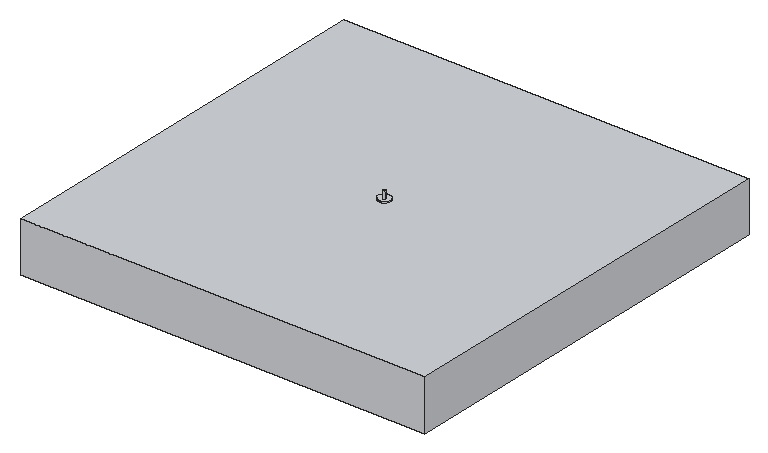
Revit family "M_Sprinkler - Parede lateral horizontal - Semi-embutido - Hospedado", category Sprinklers, Revit 2019
Family settings
  Hospedeiro = Face
  Manter orientação da anotação = Sim
  Cota do conector redondo = Usar raio
  Tipo de parte = Normal
  Número OmniClass = 23.65.70.17.11.24
  Título OmniClass = Fire Fighting Sprinkler Heads
  ID de item do Seek = Sprinkler - Horizontal Sidewall - Semi-Recessed - Hosted-0000-CAN-ENU
  Corte com vazios quando carregada = Não
  Compartilhado = Não
  Ponto de cálculo do ambiente = Não
Parameters (values of type "Parede lateral horizontal de 15 mm")
  Classificação de temperatura = 57 °C
  Resposta = Padrão
  Queda de pressão [instance] = 48300.0 Pa
  Classe de pressão = Padrão
  Tamanho do orifício = 13 mm
  Orifício = Padrão
  Fator-K = 81
  Fluxo [instance] = 2.0 L/s
  Diâmetro do escudete = 75 mm
  Cobertura = Padrão
  Diâmetro nominal = Raio nominal * 2  # 15 mm
  Raio nominal = 7.5 mm
  Raio do escudete = 0.5 * Diâmetro do escudete  # 37.5 mm
  Protrusão = 43 mm
  Comprimento total = 89 mm
  Espessura do escudete = 3 mm
  Elevação-padrão = 2400 mm
  CEL = 7 mm
  Assembly Code = ""
Types (2, lengths in mm): name | Queda de pressão | Tamanho do orifício | Fator-K | Fluxo | Diâmetro nominal | Raio nominal | Protrusão | Comprimento total | CEL
  Parede lateral horizontal de 15 mm | 48300.0 Pa | 13 | 81 | 2.0 L/s | 15 | 7.5 | 43 | 89 | 7
  Parede lateral horizontal de 20 mm | 96500.0 Pa | 14 | 115 | 3.0 L/s | 20 | 10 | 41 | 75 | 10
Reference planes
  plane 1 "Centro (Frente/Trás)": y = 0
  plane 2: z = 0
  plane 3 "Centro (Esquerda/Direita)": x = 0
  plane 4: z = -46
  plane 5: z = 3
  plane 6: z = 43
  plane 7: z = -39
Forms (mm)
  Extrusion 1, solid
    sketch origin (0, 0, 0) x (1, 0, 0) y (0, 1, 0)
      loop
        line (-1219.2, 1219.2) -> (-1219.2, -1219.2) -> (1219.2, -1219.2) -> (1219.2, 1219.2) -> (-1219.2, 1219.2)
    from 0 to -304.8
  Extrusion 2, solid
    sketch origin (0, 0, 0) x (1, 0, 0) y (0, 1, 0)
      loop
        circle (0, 0) r 7.5
    from -39 to 43
  Extrusion 3, solid
    sketch origin (0, 0, 0) x (1, 0, 0) y (0, 1, 0)
      loop
        circle (0, 0) r 37.5
    from 0 to 3
Cuts and joins
  joined: Extrusion 2, Extrusion 3
Dimensions and locks
  "Espessura do escudete": plane 5 to level
  "Protrusão": plane 6 to level
  "Comprimento total": plane 6 to plane 4
  "CEL": plane 7 to plane 4
  "Raio nominal": radius of Extrusion 2 sketch curve
  "Raio do escudete": radius of Extrusion 3 sketch curve
  aligned and locked: plane 2 to Extrusion 1
  aligned and locked: level to Extrusion 1
  aligned and locked: Extrusion 3 to level
  aligned and locked: plane 5 to Extrusion 3
  aligned and locked: plane 6 to Extrusion 2
  aligned and locked: Extrusion 2 to plane 7
Automatic sketch dimensions
  Extrusion 2 sketch curve to plane 1 "Centro (Frente/Trás)" = 0 mm
  Extrusion 2 sketch curve to plane 3 "Centro (Esquerda/Direita)" = 0 mm
  Extrusion 3 sketch curve to plane 1 "Centro (Frente/Trás)" = 0 mm
  Extrusion 3 sketch curve to plane 3 "Centro (Esquerda/Direita)" = 0 mm
  Extrusion 1 sketch curve to Extrusion 1 sketch curve = 2438.4 mm  (x2)
Nested families
  nested 1: "M_Sprinkler - Símbolo - Parede lateral horizontal" at (0, 0, 0), type "Sprinkler - Símbolo - Parede lateral horizontal"
Connectors
  piping at (0, 0, -39), diameter 15, driven by "Raio nominal", driven by "Fluxo", driven by "Queda de pressão"
    settings: on cut or joined group of Extrusion 2, Extrusion 3, index 1, connector inside diameter 15 mm, connector length 0 mm, flow factor 0, pipe flow 2.0 L/s, pressure drop 48300.0 Pa, fitting loss kfactor 0, connector angle 0.00°, fixture units 0, engagement length 0 mm, angle of deflection 0.00°, flow configuration 1, flow direction 1, fitting loss method 4, system type 23, joint type 0, gender type 0, connector reference index -1, connector utility 0, adjustable connector no, is connector primary yes, connector description "In"
Definition of nested family "M_Sprinkler - Símbolo - Parede lateral horizontal"
  Parameters
    Largura do símbolo = Profundidade do símbolo  # 2 mm
    Meia largura do símbolo = 0.5 * Largura do símbolo  # 1 mm
    Profundidade do símbolo = 2 mm
  Reference planes
    plane 1: y = 0
    plane 2: x = 0
  Lines and regions (mm)
    reference lines
      curve 1: line (-1, 0, 0) -> (-1, 2, 0)
      curve 2: line (-1, 2, 0) -> (1, 2, 0)
      curve 3: line (1, 2, 0) -> (1, 0, 0)
      curve 4: line (-1, 2, 0) -> (0, 0, 0)
      curve 5: line (0, 0, 0) -> (1, 2, 0)
    detail lines
      curve 6: line (-1, 2, 0) -> (1, 2, 0)
      curve 7: line (1, 2, 0) -> (0, 0, 0)
      curve 8: line (-1, 2, 0) -> (0, 0, 0)
  Dimensions and locks
    equal spacing: curve 1, plane 2, curve 3
    "Profundidade do símbolo": plane 1 to curve 2
    "Meia largura do símbolo": curve 1 to plane 2
    aligned and locked: plane 1 to curve 1
    aligned and locked: curve 6 to curve 2
    aligned and locked: curve 1 to curve 6
    aligned and locked: curve 6 to curve 3
    aligned and locked: curve 7 to curve 5
    aligned and locked: curve 2 to curve 7
    aligned and locked: plane 1 to curve 7
  Automatic sketch dimensions
    curve 5 to plane 1 = 0 mm
    curve 4 to plane 2 = 0 mm
    curve 3 to plane 1 = 0 mm
